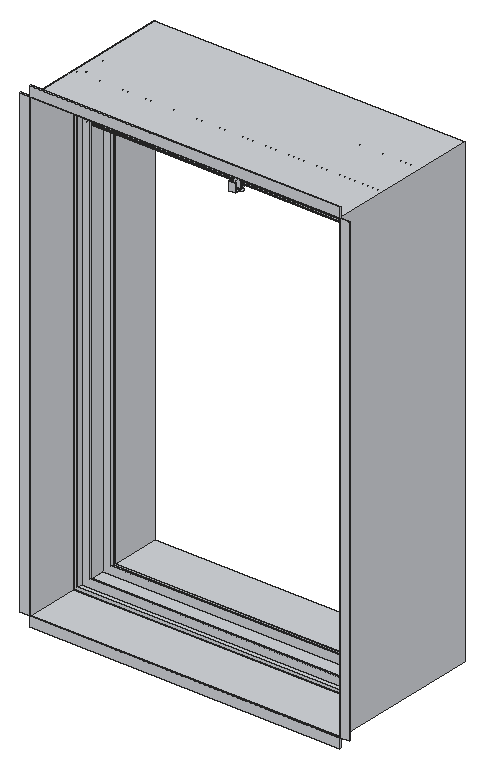
Revit family "FD-AOW", category Mechanical Equipment, Revit 2015
Parameters
  URL = "http://unitedenertech.com/catalog/pdf/A-24%20%20FD-AOW.pdf"
  Type Comments = "Max Size is (42\"w x 48\"h)"
  Model = "FD-AOW"
  Manufacturer = "United Enertech Corporation"
  Keynote = "Vertical Mount Shown, Horizontal Mounts have springs shown on the FDD-AOW Model."
  Exact Width = 2' - 0"
  Exact Height = 3' - 0"
  Description = "Curtain Fire Damper for use in Static Systems"
  Depth = 1' - 0"
  Damper Frame Width [instance] = Exact Width - 0' 0 9/128"  # 1' - 11 119/128"
  Damper Frame Height [instance] = Exact Height - 0' 0 9/128"  # 2' - 11 119/128"
Reference planes (in)
  plane 1 "Center (Front/Back)": y = 0
  plane 2: z = 0
  plane 3 "Center (Left/Right)": x = 0
  plane 4: x = -12
  plane 5: x = 12
  plane 6: y = -6
  plane 7: y = 6
  plane 8: z = 36
  plane 9: x = -11.96484
  plane 10: x = 11.96484
  plane 11: z = 0.0359
  plane 12: z = 35.96559
  plane 13: x = -12.75
  plane 14: x = 12.75
  plane 15: z = -0.75
  plane 16: z = 36.75
  plane 17: y = -5.9641
  plane 18: z = 0.2859
  plane 19: z = 35.71559
  plane 20: x = 11.71484
  plane 21: x = -11.71484
  plane 22: y = -1.84375
  plane 23: y = -1.80785
  plane 24: y = 1.84375
  plane 25: y = 1.80785
Forms (in)
  Extrusion 1, solid
    sketch origin (0, 0, 0) x (1, 0, 0) y (0, 0, 1)
      loop
        line (-12, 36) -> (-12, 0) -> (12, 0) -> (12, 36) -> (-12, 36)
      loop
        line (-11.96484, 35.96559) -> (-11.96484, 0.0359) -> (11.96484, 0.0359) -> (11.96484, 35.96559) -> (-11.96484, 35.96559)
    from -6 to 6
  Extrusion 2, solid
    sketch origin (0, 0, 0) x (1, 0, 0) y (0, 0, 1)
      loop
        line (-12.75, 36) -> (-12.75, 0) -> (-12, 0) -> (-12, 36) -> (-12.75, 36)
    from 5.9641 to 6
  Extrusion 3, solid
    sketch origin (0, 0, 0) x (-1, 0, 0) y (0, 0, -1)
      loop
        line (-12.75, -36) -> (-12, -36) -> (-12, 0) -> (-12.75, 0) -> (-12.75, -36)
    from 5.9641 to 6
  Extrusion 4, solid
    sketch origin (18, 0, 18) x (0, 0, -1) y (1, 0, 0)
      loop
        line (-18.75, -30) -> (-18, -30) -> (-18, -6) -> (-18.75, -6) -> (-18.75, -30)
    from 5.9641 to 6
  Extrusion 5, solid
    sketch origin (-18, 0, 18) x (0, 0, 1) y (-1, 0, 0)
      loop
        line (-18.75, -30) -> (-18, -30) -> (-18, -6) -> (-18.75, -6) -> (-18.75, -30)
    from 5.9641 to 6
  Extrusion 6, solid
    sketch origin (0, 0, 0) x (1, 0, 0) y (0, 0, 1)
      loop
        line (-11.71484, 35.71559) -> (-11.71484, 0.2859) -> (11.71484, 0.2859) -> (11.71484, 35.71559) -> (-11.71484, 35.71559)
      loop
        line (-11.96484, 35.96559) -> (-11.96484, 0.0359) -> (11.96484, 0.0359) -> (11.96484, 35.96559) -> (-11.96484, 35.96559)
    from -1.84375 to -1.80785
  Extrusion 7, solid
    sketch origin (0, 0, 0) x (1, 0, 0) y (0, 0, 1)
      loop
        line (-11.71484, 35.71559) -> (-11.71484, 0.2859) -> (11.71484, 0.2859) -> (11.71484, 35.71559) -> (-11.71484, 35.71559)
      loop
        line (-11.96484, 35.96559) -> (-11.96484, 0.0359) -> (11.96484, 0.0359) -> (11.96484, 35.96559) -> (-11.96484, 35.96559)
    from 1.80785 to 1.84375
Dimensions and locks (in)
  equal spacing: plane 4, plane 3 "Center (Left/Right)", plane 5
  "Exact Width": plane 4 to plane 5
  equal spacing: plane 7, plane 1 "Center (Front/Back)", plane 6
  "Depth": plane 7 to plane 6
  "Damper Frame Width": plane 9 to plane 10
  equal spacing: plane 9, plane 3 "Center (Left/Right)", plane 10
  "Exact Height": plane 8 to level
  locked: plane 11 to level at 0.0359
  "Damper Frame Height": plane 12 to plane 11
  locked: plane 13 to plane 4 at 0.75
  locked: plane 14 to plane 5 at 0.75
  locked: level to plane 15 at 0.75
  locked: plane 16 to plane 8 at 0.75
  locked: plane 17 to plane 6 at 0.0359
  locked: plane 18 to plane 11 at 0.25
  locked: plane 12 to plane 19 at 0.25
  locked: plane 20 to plane 10 at 0.25
  locked: plane 21 to plane 9 at 0.25
  aligned and locked: level to plane 2
  aligned and locked: level to Extrusion 1 sketch curve
  aligned and locked: Extrusion 1 sketch curve to plane 4
  aligned and locked: Extrusion 1 sketch curve to plane 5
  aligned and locked: Extrusion 1 sketch curve to plane 8
  aligned and locked: Extrusion 1 sketch curve to plane 12
  aligned and locked: plane 10 to Extrusion 1 sketch curve
  aligned and locked: plane 11 to Extrusion 1 sketch curve
  aligned and locked: plane 9 to Extrusion 1 sketch curve
  aligned and locked: plane 7 to Extrusion 1
  aligned and locked: Extrusion 1 to plane 6
  aligned and locked: Extrusion 2 sketch curve to plane 13
  aligned and locked: level to Extrusion 2 sketch curve
  aligned and locked: plane 4 to Extrusion 2 sketch curve
  aligned and locked: Extrusion 2 sketch curve to plane 8
  aligned and locked: plane 17 to Extrusion 2
  aligned and locked: plane 17 to Extrusion 4
  aligned and locked: plane 17 to Extrusion 5
  aligned and locked: plane 17 to Extrusion 3
  aligned and locked: Extrusion 3 to plane 6
  aligned and locked: Extrusion 4 to plane 6
  aligned and locked: Extrusion 5 to plane 6
  aligned and locked: Extrusion 2 to plane 6
  aligned and locked: plane 3 "Center (Left/Right)" to nested 1
  aligned and locked: plane 11 to Extrusion 6 sketch curve
  aligned and locked: plane 9 to Extrusion 6 sketch curve
  aligned and locked: plane 10 to Extrusion 6 sketch curve
  aligned and locked: Extrusion 6 sketch curve to plane 12
  aligned and locked: Extrusion 6 sketch curve to plane 19
  aligned and locked: plane 18 to Extrusion 6 sketch curve
  aligned and locked: plane 20 to Extrusion 6 sketch curve
  aligned and locked: plane 21 to Extrusion 6 sketch curve
  aligned and locked: Extrusion 6 to plane 24
  aligned and locked: Extrusion 6 to plane 25
  aligned and locked: Extrusion 7 to plane 23
  aligned and locked: Extrusion 7 to plane 22
Automatic sketch dimensions
  Extrusion 3 sketch curve to level = 0' - 0"
  Extrusion 3 sketch curve to plane 14 = 0' - 0"
  Extrusion 3 sketch curve to plane 5 = 0' - 0"
  Extrusion 3 sketch curve to plane 8 = 0' - 0"
  Extrusion 4 sketch curve to plane 5 = 0' - 0"
  Extrusion 4 sketch curve to plane 16 = 0' - 0"
  Extrusion 4 sketch curve to plane 8 = 0' - 0"
  plane 4 to Extrusion 4 sketch curve = 0' - 0"
  plane 4 to Extrusion 5 sketch curve = 0' - 0"
  Extrusion 5 sketch curve to plane 15 = 0' - 0"
  Extrusion 5 sketch curve to level = 0' - 0"
  Extrusion 5 sketch curve to plane 5 = 0' - 0"
  Extrusion 7 sketch curve to plane 9 = 0' - 0"
  Extrusion 7 sketch curve to plane 18 = 0' - 0"
  Extrusion 7 sketch curve to plane 21 = 0' - 0"
  Extrusion 7 sketch curve to plane 19 = 0' - 0"
  plane 20 to Extrusion 7 sketch curve = 0' - 0"
  plane 10 to Extrusion 7 sketch curve = 0' - 0"
  Extrusion 7 sketch curve to plane 11 = 0' - 0"
  Extrusion 7 sketch curve to plane 12 = 0' - 0"
Nested families (in)
  nested 1: "FD-ALB" at (0, 0, 0), type "FD-ALB"
    with EFL Height 0' - 4 19/64", Blade Width 1' - 11 103/128", Blade Pair Number 9, Exact Width 1' - 11 119/128", Damper Height 2' - 11 119/128"
Definition of nested family "FD-ALB"
  Parameters (values of type "FD-ALB")
    URL = "http://unitedenertech.com/catalog/pdf/A-7%20%20FD-ALB.pdf"
    Type Comments = "Max. Sizes are (1-1/2 Hour Vertical 120\"w x 120\"h) (1-1/2 Hour Horizontal 120\"w x 40\"h or 96\"w x 48\"h) (3 Hour Vertical or Horizontal 80\"w x 40\"h)"
    Model = "FD-ALB"
    Manufacturer = "United Enertech Corporation"
    Keynote = "Vertical Model Shown, Horizontal Models have Springs as shown on Model FDD-ALB."
    Exact Width = 2' - 0"
    EFL Height [instance] = Blade Pair Number * 0' 0 13/32" + 0' 0 41/64"  # 0' - 4 19/64"
    Description = "Curtain Fire Damper for use in Static Systems"
    Damper Height = 3' - 0"
    Depth = 0' - 3 11/16"
    Blade Width [instance] = Exact Width - 0' 0 1/8"  # 1' - 11 7/8"
    Blade Pair Number [instance] = (Damper Height - 0' 0 9/128") / 0' 3 7/8"  # 9
  Reference planes (in)
    plane 1 "Center (Front/Back)": y = 0
    plane 2: z = 0
    plane 3 "Center (Left/Right)": x = 0
    plane 4: x = -12
    plane 5: x = 12
    plane 6: y = -1.84375
    plane 7: y = 1.84375
    plane 8: z = 36
    plane 9: x = -11.9641
    plane 10: x = 11.9641
    plane 11: z = 0.0359
    plane 12: z = 35.9641
    plane 13: y = 1.09375
    plane 14: y = -1.09375
    plane 15: y = -0.96875
    plane 16: y = 0.96875
    plane 17: z = 0.6609
    plane 18: x = -11.3391
    plane 19: x = 11.3391
    plane 20: z = 35.3391
    plane 21: x = -0.25
    plane 22: x = 0.25
    plane 23: z = 31.66723
    plane 24: z = 31.70313
  Forms (in)
    Extrusion 1, solid
      sketch origin (0, 0, 0) x (1, 0, 0) y (0, 0, 1)
        loop
          line (-11.9641, 35.9641) -> (-11.9641, 0.0359) -> (11.9641, 0.0359) -> (11.9641, 35.9641) -> (-11.9641, 35.9641)
        loop
          line (-12, 36) -> (-12, 0) -> (12, 0) -> (12, 36) -> (-12, 36)
      from -1.84375 to 1.84375
    Extrusion 2, solid
      sketch origin (0, 0, 0) x (1, 0, 0) y (0, 0, 1)
        loop
          line (-11.3391, 35.3391) -> (-11.3391, 0.6609) -> (11.3391, 0.6609) -> (11.3391, 35.3391) -> (-11.3391, 35.3391)
        loop
          line (-11.9641, 35.9641) -> (-11.9641, 0.0359) -> (11.9641, 0.0359) -> (11.9641, 35.9641) -> (-11.9641, 35.9641)
      from 0.96875 to 1.09375
    Extrusion 3, solid
      sketch origin (0, 0, 0) x (1, 0, 0) y (0, 0, 1)
        loop
          line (-11.3391, 35.3391) -> (-11.3391, 0.6609) -> (11.3391, 0.6609) -> (11.3391, 35.3391) -> (-11.3391, 35.3391)
        loop
          line (-11.9641, 35.9641) -> (-11.9641, 0.0359) -> (11.9641, 0.0359) -> (11.9641, 35.9641) -> (-11.9641, 35.9641)
      from -1.09375 to -0.96875
    Extrusion 4, solid
      sketch origin (0, 0, 0) x (0, 1, 0) y (0, 0, 1)
        loop
          line (0.96875, 35.9641) -> (0.93285, 35.9641) -> (0.93285, 31.66723) -> (1.43285, 31.66723) -> (1.43285, 32.33598) -> (1.39695, 32.33598) -> (1.39695, 31.70313) -> (0.96875, 31.70313) -> (0.96875, 35.9641)
      from -0.25 to 0.25
    Extrusion 5, solid
      sketch origin (0, 0, 0) x (0, -1, 0) y (0, 0, -1)
        loop
          line (0.96875, -35.9641) -> (0.96875, -31.70313) -> (1.39695, -31.70313) -> (1.39695, -32.33598) -> (1.43285, -32.33598) -> (1.43285, -31.66723) -> (0.93285, -31.66723) -> (0.93285, -35.9641) -> (0.96875, -35.9641)
      from -0.25 to 0.25
  Dimensions and locks (in)
    equal spacing: plane 4, plane 3 "Center (Left/Right)", plane 5
    "Exact Width": plane 4 to plane 5
    equal spacing: plane 7, plane 1 "Center (Front/Back)", plane 6
    "Depth": plane 7 to plane 6
    "Damper Height": plane 8 to level
    locked: plane 9 to plane 4 at 0.0359
    locked: plane 5 to plane 10 at 0.0359
    locked: plane 8 to plane 12 at 0.0359
    locked: plane 11 to level at 0.0359
    locked: plane 13 to plane 14 at 2.1875
    locked: plane 15 to plane 14 at 0.125
    locked: plane 13 to plane 16 at 0.125
    locked: plane 18 to plane 9 at 0.625
    locked: plane 10 to plane 19 at 0.625
    locked: plane 17 to plane 11 at 0.625
    locked: plane 12 to plane 20 at 0.625
    equal spacing: group 1, group 2, group 3, group 4, group 5, group 6, group 7, group 8, group 9  (x2)
    equal spacing: group 9, group 8, group 7, group 6, group 5, group 4, group 3, group 2, group 1
    locked: nested 1 to nested 2 at 0.40625
    "EFL Height": plane 12 to plane 23
    locked: plane 24 to plane 23 at 0.0359
    aligned and locked: level to plane 2
    aligned and locked: level to Extrusion 1 sketch curve
    aligned and locked: Extrusion 1 sketch curve to plane 4
    aligned and locked: Extrusion 1 sketch curve to plane 5
    aligned and locked: Extrusion 1 sketch curve to plane 8
    aligned and locked: Extrusion 1 sketch curve to plane 12
    aligned and locked: Extrusion 1 sketch curve to plane 10
    aligned and locked: plane 11 to Extrusion 1 sketch curve
    aligned and locked: plane 9 to Extrusion 1 sketch curve
    aligned and locked: plane 7 to Extrusion 1
    aligned and locked: Extrusion 1 to plane 6
    aligned and locked: plane 11 to Extrusion 2 sketch curve
    aligned and locked: plane 9 to Extrusion 2 sketch curve
    aligned and locked: Extrusion 2 sketch curve to plane 10
    aligned and locked: Extrusion 2 sketch curve to plane 12
    aligned and locked: Extrusion 2 sketch curve to plane 20
    aligned and locked: Extrusion 2 sketch curve to plane 19
    aligned and locked: plane 17 to Extrusion 2 sketch curve
    aligned and locked: Extrusion 2 sketch curve to plane 18
    aligned and locked: plane 13 to Extrusion 3
    aligned and locked: Extrusion 3 to plane 16
    aligned and locked: plane 15 to Extrusion 2
    aligned and locked: Extrusion 2 to plane 14
    aligned and locked: plane 3 "Center (Left/Right)" to nested 1
    aligned and locked: plane 12 to nested 1
    aligned and locked: plane 21 to Extrusion 5
    aligned and locked: plane 21 to Extrusion 4
    aligned and locked: plane 22 to Extrusion 5
    aligned and locked: plane 22 to Extrusion 4
    aligned and locked: Extrusion 5 sketch curve to plane 23
    aligned and locked: plane 23 to Extrusion 4 sketch curve
    aligned and locked: plane 24 to Extrusion 4 sketch curve
    aligned and locked: Extrusion 5 sketch curve to plane 24
    aligned and locked: nested 4 to plane 24
  Automatic sketch dimensions
    Extrusion 3 sketch curve to plane 9 = 0' - 0"
    Extrusion 3 sketch curve to plane 17 = 0' - 0"
    plane 18 to Extrusion 3 sketch curve = 0' - 0"
    Extrusion 3 sketch curve to plane 19 = 0' - 0"
    plane 10 to Extrusion 3 sketch curve = 0' - 0"
    Extrusion 3 sketch curve to plane 11 = 0' - 0"
    Extrusion 3 sketch curve to plane 20 = 0' - 0"
    Extrusion 3 sketch curve to plane 12 = 0' - 0"
    Extrusion 4 sketch curve to plane 12 = 0' - 0"
    Extrusion 4 sketch curve to plane 16 = 0' - 0"
    Extrusion 4 sketch curve to plane 16 = 0' - 0.0359"
    plane 13 to Extrusion 4 sketch curve = 0' - 0.3032"
    Extrusion 4 sketch curve to Extrusion 4 sketch curve = 0' - 0.0359"
    plane 24 to Extrusion 4 sketch curve = 0' - 0.63285"
    Extrusion 5 sketch curve to plane 12 = 0' - 0"
    Extrusion 5 sketch curve to plane 15 = 0' - 0"
    Extrusion 5 sketch curve to plane 15 = 0' - 0.0359"
    plane 14 to Extrusion 5 sketch curve = 0' - 0.3032"
    Extrusion 5 sketch curve to Extrusion 5 sketch curve = 0' - 0.0359"
    Extrusion 5 sketch curve to plane 24 = 0' - 0.63285"
  Nested families (in)
    nested 1: "FD-SALB BLADESEDITED" at (0, 1.17008, 35.12138), type "FD-SALB BLADESEDITED"
    nested 2: "FD-SALB BLADESEDITED" at (0, 1.17008, 34.71513), type "FD-SALB BLADESEDITED"
    nested 3: "FD-SALB BLADESEDITED" at (0, 1.17008, 34.30888), type "FD-SALB BLADESEDITED"
    nested 4: "EFL" at (4.62017, 3.54736, 31.70313), type "EFL"
    nested 5: "FD-SALB BLADESEDITED" at (0, 1.17008, 33.90263), type "FD-SALB BLADESEDITED"
    nested 6: "FD-SALB BLADESEDITED" at (0, 1.17008, 33.49638), type "FD-SALB BLADESEDITED"
    nested 7: "FD-SALB BLADESEDITED" at (0, 1.17008, 33.09013), type "FD-SALB BLADESEDITED"
    nested 8: "FD-SALB BLADESEDITED" at (0, 1.17008, 32.68388), type "FD-SALB BLADESEDITED"
    nested 9: "FD-SALB BLADESEDITED" at (0, 1.17008, 32.27763), type "FD-SALB BLADESEDITED"
    nested 10: "FD-SALB BLADESEDITED" at (0, 1.17008, 31.87138), type "FD-SALB BLADESEDITED"
  Definition of nested family "FD-SALB BLADESEDITED"
    Parameters (values of type "FD-SALB BLADESEDITED")
      Blade Width = 1' - 11 7/8"
    Reference planes (in)
      plane 1 "Center (Front/Back)": y = 0
      plane 2: z = 0
      plane 3 "Center (Left/Right)": x = 0
      plane 4: x = -11.9375
      plane 5: x = 11.9375
    Forms (in)
      Extrusion 1, solid
        sketch origin (0, 0, 0) x (0, 1, 0) y (0, 0, 1)
          loop
            line (-0.31672, 0.53073) -> (-0.3446, 0.62657)
            arc (-0.3446, 0.62657) -> (-0.33726, 0.6415) -> (-0.32269, 0.63348) r 0.0115
            line (-0.32269, 0.63348) -> (-0.30545, 0.53536)
            arc (-0.30545, 0.53536) -> (-0.31611, 0.49773) -> (-0.35217, 0.48264) r 0.045
            line (-0.35217, 0.48264) -> (-0.39872, 0.48554)
            arc (-0.39872, 0.48554) -> (-0.42675, 0.49692) -> (-0.44125, 0.52348) r 0.045
            line (-0.44125, 0.52348) -> (-0.47071, 0.66865)
            arc (-0.47071, 0.66865) -> (-0.48965, 0.70349) -> (-0.5262, 0.7189) r 0.06
            line (-0.5262, 0.7189) -> (-1.55698, 0.78305) -> (-1.76244, 0.79584)
            arc (-1.76244, 0.79584) -> (-1.79846, 0.78683) -> (-1.82228, 0.75836) r 0.06
            line (-1.82228, 0.75836) -> (-1.88016, 0.61423)
            arc (-1.88016, 0.61423) -> (-1.90974, 0.57877) -> (-1.95445, 0.56733) r 0.075
            arc (-1.95445, 0.56733) -> (-2.03902, 0.60869) -> (-2.06957, 0.69773) r 0.123
            line (-2.06957, 0.69773) -> (-2.06418, 0.78456)
            arc (-2.06418, 0.78456) -> (-2.05371, 0.80551) -> (-2.03138, 0.81256) r 0.03
            line (-2.03138, 0.81256) -> (-1.90763, 0.80489) -> (-1.90763, 0.8362) -> (-2.01284, 0.84272) -> (-2.04641, 0.84272)
            arc (-2.04641, 0.84272) -> (-2.08042, 0.82292) -> (-2.09536, 0.7865) r 0.06125
            line (-2.09536, 0.7865) -> (-2.10077, 0.69966)
            arc (-2.10077, 0.69966) -> (-2.06244, 0.58801) -> (-1.95639, 0.53614) r 0.15425
            arc (-1.95639, 0.53614) -> (-1.89306, 0.55235) -> (-1.8512, 0.60257) r 0.10625
            line (-1.8512, 0.60257) -> (-1.7933, 0.74674)
            arc (-1.7933, 0.74674) -> (-1.78183, 0.76038) -> (-1.76452, 0.76466) r 0.02875
            line (-1.76452, 0.76466) -> (-1.55892, 0.75186) -> (-0.52813, 0.68773)
            arc (-0.52813, 0.68773) -> (-0.51045, 0.68016) -> (-0.50148, 0.66314) r 0.02875
            line (-0.50148, 0.66314) -> (-0.47199, 0.51784)
            arc (-0.47199, 0.51784) -> (-0.4474, 0.47346) -> (-0.4004, 0.45434) r 0.07625
            line (-0.4004, 0.45434) -> (-0.35398, 0.45144)
            arc (-0.35398, 0.45144) -> (-0.29278, 0.47694) -> (-0.27468, 0.54073) r 0.07625
            line (-0.27468, 0.54073) -> (-0.29191, 0.63889)
            arc (-0.29191, 0.63889) -> (-0.33988, 0.67434) -> (-0.37768, 0.6282) r 0.04327
            line (-0.37768, 0.6282) -> (-0.34677, 0.52199) -> (-0.31672, 0.53073)
        from -11.9375 to 11.9375
      Extrusion 2, solid
        sketch origin (0, 0, 0) x (0, 1, 0) y (0, 0, 1)
          loop
            arc (-0.31635, 0.67497) -> (-0.29361, 0.66856) -> (-0.28256, 0.64768) r 0.03
            line (-0.28256, 0.64768) -> (-0.2714, 0.56286)
            arc (-0.2714, 0.56286) -> (-0.29582, 0.47194) -> (-0.37737, 0.42491) r 0.123
            arc (-0.37737, 0.42491) -> (-0.42275, 0.43328) -> (-0.45469, 0.46664) r 0.075
            line (-0.45469, 0.46664) -> (-0.52225, 0.60648)
            arc (-0.52225, 0.60648) -> (-0.54755, 0.63305) -> (-0.58358, 0.63992) r 0.06
            line (-0.58358, 0.63992) -> (-0.78858, 0.61304) -> (-1.81262, 0.47877)
            arc (-1.81262, 0.47877) -> (-1.84723, 0.46173) -> (-1.86432, 0.42714) r 0.06
            line (-1.86432, 0.42714) -> (-1.88437, 0.27537)
            arc (-1.88437, 0.27537) -> (-1.89734, 0.2499) -> (-1.92301, 0.23735) r 0.045
            line (-1.92301, 0.23735) -> (-1.96868, 0.2314)
            arc (-1.96868, 0.2314) -> (-2.00696, 0.24361) -> (-2.02023, 0.28153) r 0.045
            line (-2.02023, 0.28153) -> (-2.00995, 0.379)
            arc (-2.00995, 0.379) -> (-1.99657, 0.38882) -> (-1.98728, 0.37505) r 0.0115
            line (-1.98728, 0.37505) -> (-2.00879, 0.27676) -> (-1.97772, 0.26996) -> (-1.95543, 0.37179)
            arc (-1.95543, 0.37179) -> (-1.99381, 0.41919) -> (-2.04121, 0.38081) r 0.04313
            line (-2.04121, 0.38081) -> (-2.05127, 0.28509)
            arc (-2.05127, 0.28509) -> (-2.02877, 0.22122) -> (-1.96431, 0.20045) r 0.07625
            line (-1.96431, 0.20045) -> (-1.91897, 0.20638)
            arc (-1.91897, 0.20638) -> (-1.87533, 0.22771) -> (-1.85342, 0.27106) r 0.07625
            line (-1.85342, 0.27106) -> (-1.83333, 0.42305)
            arc (-1.83333, 0.42305) -> (-1.82514, 0.43962) -> (-1.80853, 0.44779) r 0.02875
            line (-1.80853, 0.44779) -> (-0.78452, 0.58205) -> (-0.57967, 0.60892)
            arc (-0.57967, 0.60892) -> (-0.56246, 0.60559) -> (-0.55039, 0.5929) r 0.02875
            line (-0.55039, 0.5929) -> (-0.48278, 0.45303)
            arc (-0.48278, 0.45303) -> (-0.4376, 0.40578) -> (-0.37331, 0.39393) r 0.10625
            arc (-0.37331, 0.39393) -> (-0.27103, 0.4529) -> (-0.24041, 0.56695) r 0.15425
            line (-0.24041, 0.56695) -> (-0.2515, 0.65113)
            arc (-0.2515, 0.65113) -> (-0.27433, 0.69316) -> (-0.32041, 0.70596) r 0.06125
            line (-0.32041, 0.70596) -> (-0.44437, 0.68971) -> (-0.44031, 0.65872) -> (-0.31635, 0.67497)
        from -11.9375 to 11.9375
    Dimensions and locks (in)
      equal spacing: plane 4, plane 3 "Center (Left/Right)", plane 5
      "Blade Width": plane 4 to plane 5
      aligned and locked: level to plane 2
      aligned and locked: plane 4 to Extrusion 1
      aligned and locked: plane 4 to Extrusion 2
      aligned and locked: plane 5 to Extrusion 1
      aligned and locked: plane 5 to Extrusion 2
    Automatic sketch dimensions
      Extrusion 2 sketch curve to Extrusion 2 sketch curve = 0' - 0"  (x35)
      level to Extrusion 2 sketch curve = 0' - 0.28509"
      plane 1 "Center (Front/Back)" to Extrusion 2 sketch curve = 0' - 2.05127"
      level to Extrusion 2 sketch curve = 0' - 0.38081"
      Extrusion 2 sketch curve to Extrusion 2 sketch curve = 0' - 0.01006"
      level to Extrusion 2 sketch curve = 0' - 0.28153"
      Extrusion 2 sketch curve to Extrusion 2 sketch curve = 0' - 0.03105"
      level to Extrusion 2 sketch curve = 0' - 0.27676"
      Extrusion 2 sketch curve to Extrusion 2 sketch curve = 0' - 0.01143"  (x2)
      Extrusion 2 sketch curve to Extrusion 2 sketch curve = 0' - 0.04266"
      Extrusion 2 sketch curve to Extrusion 2 sketch curve = 0' - 0.00023"
      level to Extrusion 2 sketch curve = 0' - 0.26996"
      Extrusion 2 sketch curve to Extrusion 2 sketch curve = 0' - 0.03107"
      Extrusion 2 sketch curve to Extrusion 2 sketch curve = 0' - 0.00213"
      level to Extrusion 2 sketch curve = 0' - 0.2314"
      Extrusion 2 sketch curve to Extrusion 2 sketch curve = 0' - 0.00904"
      level to Extrusion 2 sketch curve = 0' - 0.20045"
      level to Extrusion 2 sketch curve = 0' - 0.37179"
      Extrusion 2 sketch curve to Extrusion 2 sketch curve = 0' - 0.0467"
      level to Extrusion 2 sketch curve = 0' - 0.27537"
      Extrusion 2 sketch curve to Extrusion 2 sketch curve = 0' - 0.04451"
      level to Extrusion 2 sketch curve = 0' - 0.27106"
      Extrusion 2 sketch curve to Extrusion 2 sketch curve = 0' - 0.03095"
      Extrusion 2 sketch curve to Extrusion 2 sketch curve = 0' - 0.0486"
      plane 1 "Center (Front/Back)" to Extrusion 2 sketch curve = 0' - 0.78452"
      Extrusion 2 sketch curve to Extrusion 2 sketch curve = 0' - 0.20094"
      Extrusion 2 sketch curve to Extrusion 2 sketch curve = 0' - 0 1/256"  (x2)
      Extrusion 2 sketch curve to Extrusion 2 sketch curve = 0' - 0.0034"
      Extrusion 2 sketch curve to Extrusion 2 sketch curve = 0' - 0.13921"
      Extrusion 2 sketch curve to Extrusion 2 sketch curve = 0' - 0.00406"  (x3)
      Extrusion 2 sketch curve to Extrusion 2 sketch curve = 0' - 0.04695"
      Extrusion 2 sketch curve to Extrusion 2 sketch curve = 0' - 0.00624"
      Extrusion 2 sketch curve to Extrusion 2 sketch curve = 0' - 0.0809"
      Extrusion 2 sketch curve to Extrusion 2 sketch curve = 0' - 0.0299"
      Extrusion 2 sketch curve to Extrusion 2 sketch curve = 0' - 0.03106"
      Extrusion 2 sketch curve to Extrusion 2 sketch curve = 0' - 0.00661"
      Extrusion 2 sketch curve to Extrusion 2 sketch curve = 0' - 0.00119"
      Extrusion 2 sketch curve to Extrusion 2 sketch curve = 0' - 0.14822"
      level to Extrusion 2 sketch curve = 0' - 0.49927"
      Extrusion 2 sketch curve to Extrusion 2 sketch curve = 0' - 0.04759"
      Extrusion 2 sketch curve to Extrusion 2 sketch curve = 0' - 0.0335"
      Extrusion 2 sketch curve to Extrusion 2 sketch curve = 0' - 0.00168"
      Extrusion 2 sketch curve to Extrusion 2 sketch curve = 0' - 0.02855"
      Extrusion 2 sketch curve to Extrusion 2 sketch curve = 0' - 0.031"
      Extrusion 2 sketch curve to Extrusion 2 sketch curve = 0' - 0.09835"
      Extrusion 2 sketch curve to Extrusion 2 sketch curve = 0' - 0.00246"
      Extrusion 2 sketch curve to Extrusion 2 sketch curve = 0' - 0.00345"
      Extrusion 2 sketch curve to Extrusion 2 sketch curve = 0' - 0.11186"
      Extrusion 2 sketch curve to Extrusion 2 sketch curve = 0' - 0.03098"  (x3)
      level to Extrusion 2 sketch curve = 0' - 0.37898"
      Extrusion 2 sketch curve to Extrusion 2 sketch curve = 0' - 0.00003"  (x4)
      Extrusion 2 sketch curve to Extrusion 2 sketch curve = 0' - 0.01101"
      level to Extrusion 2 sketch curve = 0' - 0.37505"
      Extrusion 2 sketch curve to Extrusion 2 sketch curve = 0' - 0.00585"
      level to Extrusion 2 sketch curve = 0' - 0.23735"
      Extrusion 2 sketch curve to Extrusion 2 sketch curve = 0' - 0.00404"
      level to Extrusion 2 sketch curve = 0' - 0.20636"
      level to Extrusion 2 sketch curve = 0' - 0.42714"
      Extrusion 2 sketch curve to Extrusion 2 sketch curve = 0' - 0.0595"
      level to Extrusion 2 sketch curve = 0' - 0.42305"
      Extrusion 2 sketch curve to Extrusion 2 sketch curve = 0' - 0.02852"
      Extrusion 2 sketch curve to Extrusion 2 sketch curve = 0' - 0.0207"
      level to Extrusion 2 sketch curve = 0' - 0.47878"
      Extrusion 2 sketch curve to Extrusion 2 sketch curve = 0' - 0.00374"
      level to Extrusion 2 sketch curve = 0' - 0.44779"
      Extrusion 2 sketch curve to Extrusion 2 sketch curve = 0' - 0.02588"
      Extrusion 2 sketch curve to Extrusion 2 sketch curve = 0' - 0.02814"
      Extrusion 2 sketch curve to Extrusion 2 sketch curve = 0' - 0.0957"
      Extrusion 2 sketch curve to Extrusion 2 sketch curve = 0' - 0.00004"  (x2)
      Extrusion 2 sketch curve to Extrusion 2 sketch curve = 0' - 0.02809"
      Extrusion 2 sketch curve to Extrusion 2 sketch curve = 0' - 0.00975"
      Extrusion 2 sketch curve to Extrusion 2 sketch curve = 0' - 0.00796"
      Extrusion 2 sketch curve to Extrusion 2 sketch curve = 0' - 0.01116"
      Extrusion 2 sketch curve to Extrusion 2 sketch curve = 0' - 0.00002"
      Extrusion 1 sketch curve to Extrusion 1 sketch curve = 0' - 0"  (x30)
      level to Extrusion 1 sketch curve = 0' - 0.7827"
      plane 1 "Center (Front/Back)" to Extrusion 1 sketch curve = 0' - 2.03423"
      Extrusion 1 sketch curve to Extrusion 1 sketch curve = 0' - 0.00284"
      Extrusion 1 sketch curve to Extrusion 1 sketch curve = 0' - 0.01854"
      Extrusion 1 sketch curve to Extrusion 1 sketch curve = 0' - 0.08443"
      Extrusion 1 sketch curve to Extrusion 1 sketch curve = 0' - 0.00298"
      Extrusion 1 sketch curve to Extrusion 1 sketch curve = 0' - 0.03918"
      Extrusion 1 sketch curve to Extrusion 1 sketch curve = 0' - 0.14102"
      level to Extrusion 1 sketch curve = 0' - 0.76466"
      Extrusion 1 sketch curve to Extrusion 1 sketch curve = 0' - 0.00209"
      level to Extrusion 1 sketch curve = 0' - 0.79584"
      Extrusion 1 sketch curve to Extrusion 1 sketch curve = 0' - 0.00208"  (x2)
      level to Extrusion 1 sketch curve = 0' - 0.75186"
      Extrusion 1 sketch curve to Extrusion 1 sketch curve = 0' - 0.2056"
      Extrusion 1 sketch curve to Extrusion 1 sketch curve = 0' - 0.00194"  (x2)
      plane 1 "Center (Front/Back)" to Extrusion 1 sketch curve = 0' - 0.52993"
      Extrusion 1 sketch curve to Extrusion 1 sketch curve = 0' - 0.02845"
      Extrusion 1 sketch curve to Extrusion 1 sketch curve = 0' - 0.02949"
      Extrusion 1 sketch curve to Extrusion 1 sketch curve = 0' - 0.03077"  (x2)
      Extrusion 1 sketch curve to Extrusion 1 sketch curve = 0' - 0.03074"
      Extrusion 1 sketch curve to Extrusion 1 sketch curve = 0' - 0.04085"
      Extrusion 1 sketch curve to Extrusion 1 sketch curve = 0' - 0.00168"
      Extrusion 1 sketch curve to Extrusion 1 sketch curve = 0' - 0.04445"
      Extrusion 1 sketch curve to Extrusion 1 sketch curve = 0' - 0.01912"
      Extrusion 1 sketch curve to Extrusion 1 sketch curve = 0' - 0.04641"
      Extrusion 1 sketch curve to Extrusion 1 sketch curve = 0' - 0.00182"
      Extrusion 1 sketch curve to Extrusion 1 sketch curve = 0' - 0.00238"
      Extrusion 1 sketch curve to Extrusion 1 sketch curve = 0' - 0.00302"
      Extrusion 1 sketch curve to Extrusion 1 sketch curve = 0' - 0.03307"
      Extrusion 1 sketch curve to Extrusion 1 sketch curve = 0' - 0.01008"
      Extrusion 1 sketch curve to Extrusion 1 sketch curve = 0' - 0.00072"
      Extrusion 1 sketch curve to Extrusion 1 sketch curve = 0' - 0.01112"
      Extrusion 1 sketch curve to Extrusion 1 sketch curve = 0' - 0.03006"
      Extrusion 1 sketch curve to Extrusion 1 sketch curve = 0' - 0.03078"
      Extrusion 1 sketch curve to Extrusion 1 sketch curve = 0' - 0.02867"
      Extrusion 1 sketch curve to Extrusion 1 sketch curve = 0' - 0.09261"
      level to Extrusion 1 sketch curve = 0' - 0.66865"
      Extrusion 1 sketch curve to Extrusion 1 sketch curve = 0' - 0.00551"
      Extrusion 1 sketch curve to Extrusion 1 sketch curve = 0' - 0.00412"
      Extrusion 1 sketch curve to Extrusion 1 sketch curve = 0' - 0.04791"
      Extrusion 1 sketch curve to Extrusion 1 sketch curve = 0' - 0.02976"
      Extrusion 1 sketch curve to Extrusion 1 sketch curve = 0' - 0.00541"
      Extrusion 1 sketch curve to Extrusion 1 sketch curve = 0' - 0.00087"
      Extrusion 1 sketch curve to Extrusion 1 sketch curve = 0' - 0.00852"
      Extrusion 1 sketch curve to Extrusion 1 sketch curve = 0' - 0.00559"
      Extrusion 1 sketch curve to Extrusion 1 sketch curve = 0' - 0.00702"
      Extrusion 1 sketch curve to Extrusion 1 sketch curve = 0' - 0.00564"
      Extrusion 1 sketch curve to Extrusion 1 sketch curve = 0' - 0.03935"
      Extrusion 1 sketch curve to Extrusion 1 sketch curve = 0' - 0.0312"
      Extrusion 1 sketch curve to Extrusion 1 sketch curve = 0' - 0.03119"
      Extrusion 1 sketch curve to Extrusion 1 sketch curve = 0' - 0.1148"
      Extrusion 1 sketch curve to Extrusion 1 sketch curve = 0' - 0.03131"
      Extrusion 1 sketch curve to Extrusion 1 sketch curve = 0' - 0.02994"
      level to Extrusion 1 sketch curve = 0' - 0.78456"
      Extrusion 1 sketch curve to Extrusion 1 sketch curve = 0' - 0.00539"
      level to Extrusion 1 sketch curve = 0' - 0.69772"
      Extrusion 1 sketch curve to Extrusion 1 sketch curve = 0' - 0.03117"
      Extrusion 1 sketch curve to Extrusion 1 sketch curve = 0' - 0.03118"
      level to Extrusion 1 sketch curve = 0' - 0.69966"
      Extrusion 1 sketch curve to Extrusion 1 sketch curve = 0' - 0.03357"
      Extrusion 1 sketch curve to Extrusion 1 sketch curve = 0' - 0.0066"
      Extrusion 1 sketch curve to Extrusion 1 sketch curve = 0' - 0.06959"
      level to Extrusion 1 sketch curve = 0' - 0.61423"
      Extrusion 1 sketch curve to Extrusion 1 sketch curve = 0' - 0.00004"  (x2)
      Extrusion 1 sketch curve to Extrusion 1 sketch curve = 0' - 0.02896"
      level to Extrusion 1 sketch curve = 0' - 0.60259"
      level to Extrusion 1 sketch curve = 0' - 0.75838"
      Extrusion 1 sketch curve to Extrusion 1 sketch curve = 0' - 0.05778"
      level to Extrusion 1 sketch curve = 0' - 0.74674"
      Extrusion 1 sketch curve to Extrusion 1 sketch curve = 0' - 0.02669"
      Extrusion 1 sketch curve to Extrusion 1 sketch curve = 0' - 0.00179"
      Extrusion 1 sketch curve to Extrusion 1 sketch curve = 0' - 0.00193"
      Extrusion 1 sketch curve to Extrusion 1 sketch curve = 0' - 0.01125"
      Extrusion 1 sketch curve to Extrusion 1 sketch curve = 0' - 0.00003"
      Extrusion 1 sketch curve to Extrusion 1 sketch curve = 0' - 0.05622"
      Extrusion 1 sketch curve to Extrusion 1 sketch curve = 0' - 0.03016"
  Definition of nested family "EFL"
    Reference planes (in)
      plane 1 "Center (Front/Back)": y = 0
      plane 2: z = 0
      plane 3 "Center (Left/Right)": x = 0
    Forms (in)
      Extrusion 1, solid
        sketch origin (0, 0, 0) x (1, 0, 0) y (0, 1, 0)
          loop
            arc (-4.87017, -4.05324) -> (-4.81525, -4.18582) -> (-4.68267, -4.24074) r 0.1875
            line (-4.68267, -4.24074) -> (-4.55767, -4.24074)
            arc (-4.55767, -4.24074) -> (-4.42508, -4.18582) -> (-4.37017, -4.05324) r 0.1875
            line (-4.37017, -4.05324) -> (-4.37017, -3.41574) -> (-4.87017, -3.41574) -> (-4.87017, -4.05324)
          loop
            circle (-4.62017, -4.05324) r 0.0625
        from 0.1 to 0.05
      Extrusion 2, solid
        sketch origin (-9.24033, -7.08147, 0) x (-1, 0, 0) y (0, -1, 0)
          loop
            arc (-4.87017, -4.05324) -> (-4.81525, -4.18582) -> (-4.68267, -4.24074) r 0.1875
            line (-4.68267, -4.24074) -> (-4.55767, -4.24074)
            arc (-4.55767, -4.24074) -> (-4.42508, -4.18582) -> (-4.37017, -4.05324) r 0.1875
            line (-4.37017, -4.05324) -> (-4.37017, -3.41574) -> (-4.87017, -3.41574) -> (-4.87017, -4.05324)
          loop
            circle (-4.62017, -4.05324) r 0.0625
        from 0 to 0.05
      Sweep 3, solid
        path in 3D
          loop
            line (-4.62017, -4.16421, 0) -> (-4.62017, -4.22608, 0)
            arc (-4.62017, -4.22608, 0) -> (-4.65678, -4.31447, 0) -> (-4.74517, -4.35108, 0) r 0.125
            line (-4.74517, -4.35108, 0) -> (-4.92568, -4.35108, 0)
            arc (-4.92568, -4.35108, 0) -> (-5.02859, -4.454, 0) -> (-4.92568, -4.55691, 0) r 0.10291
            line (-4.92568, -4.55691, 0) -> (-4.62017, -4.55691, 0) -> (-4.31465, -4.55691, 0)
            arc (-4.31465, -4.55691, 0) -> (-4.21174, -4.454, 0) -> (-4.31465, -4.35108, 0) r 0.10291
            line (-4.31465, -4.35108, 0) -> (-4.58427, -4.35108, 0)
        profile origin (-4.62017, -4.19515, 0) x (1, 0, 0) y (0, 0, 1)
          loop
            circle (0, 0) r 0.03202
      Sweep 4, solid
        path in 3D
          loop
            line (-4.62017, -4.283, 0.1526) -> (-4.62017, -4.12297, 0.1526)
            arc (-4.62017, -4.12297, 0.1526) -> (-4.62017, -4.04635, 0.07598) -> (-4.62017, -4.12297, -0.00063) r 0.07662
            line (-4.62017, -4.12297, -0.00063) -> (-4.62017, -4.16421, -0.00063)
        profile origin (-4.62017, -4.14359, -0.00063) x (0, 0, -1) y (1, 0, 0)
          loop
            circle (0, 0) r 0.03138
      Sweep 5, solid
        path in 3D
          loop
            line (-4.62017, -2.91726, 0) -> (-4.62017, -2.85539, 0)
            arc (-4.62017, -2.85539, 0) -> (-4.65678, -2.767, 0) -> (-4.74517, -2.73039, 0) r 0.125
            line (-4.74517, -2.73039, 0) -> (-4.92568, -2.73039, 0)
            arc (-4.92568, -2.73039, 0) -> (-5.02859, -2.62747, 0) -> (-4.92568, -2.52456, 0) r 0.10291
            line (-4.92568, -2.52456, 0) -> (-4.62017, -2.52456, 0) -> (-4.31465, -2.52456, 0)
            arc (-4.31465, -2.52456, 0) -> (-4.21174, -2.62747, 0) -> (-4.31465, -2.73039, 0) r 0.10291
            line (-4.31465, -2.73039, 0) -> (-4.58427, -2.73039, 0)
        profile origin (-4.62017, -2.88633, 0) x (-1, 0, 0) y (0, 0, 1)
          loop
            circle (0, 0) r 0.03202
      Sweep 6, solid
        path in 3D
          loop
            line (-4.62017, -2.79848, 0.1526) -> (-4.62017, -2.95851, 0.1526)
            arc (-4.62017, -2.95851, 0.1526) -> (-4.62017, -3.03512, 0.07598) -> (-4.62017, -2.95851, -0.00063) r 0.07662
            line (-4.62017, -2.95851, -0.00063) -> (-4.62017, -2.91726, -0.00063)
        profile origin (-4.62017, -2.93788, -0.00063) x (0, 0, 1) y (1, 0, 0)
          loop
            circle (0, 0) r 0.03138
    Lines and regions (in)
      sketch lines
        curve 1: line (-4.62017, -4.16421, 0) -> (-4.62017, -4.22608, 0)
        curve 2: arc (-4.74517, -4.35108, 0) -> (-4.65678, -4.31447, 0) -> (-4.62017, -4.22608, 0) r 0.125
        curve 3: line (-4.74517, -4.35108, 0) -> (-4.92568, -4.35108, 0)
        curve 4: arc (-4.92568, -4.35108, 0) -> (-5.02859, -4.454, 0) -> (-4.92568, -4.55691, 0) r 0.10291
        curve 5: line (-4.62017, -4.55691, 0) -> (-4.92568, -4.55691, 0)
        curve 6: line (-4.62017, -4.55691, 0) -> (-4.31465, -4.55691, 0)
        curve 7: arc (-4.31465, -4.55691, 0) -> (-4.21174, -4.454, 0) -> (-4.31465, -4.35108, 0) r 0.10291
        curve 8: line (-4.58427, -4.35108, 0) -> (-4.31465, -4.35108, 0)
        curve 9: line (-4.62017, -4.12297, -0.00063) -> (-4.62017, -4.16421, -0.00063)
        curve 10: arc (-4.62017, -4.12297, -0.00063) -> (-4.62017, -4.04635, 0.07598) -> (-4.62017, -4.12297, 0.1526) r 0.07662
        curve 11: line (-4.62017, -4.12297, 0.1526) -> (-4.62017, -4.283, 0.1526)
        curve 12: line (-4.62017, -2.91726, 0) -> (-4.62017, -2.85539, 0)
        curve 13: arc (-4.74517, -2.73039, 0) -> (-4.65678, -2.767, 0) -> (-4.62017, -2.85539, 0) r 0.125
        curve 14: line (-4.74517, -2.73039, 0) -> (-4.92568, -2.73039, 0)
        curve 15: arc (-4.92568, -2.73039, 0) -> (-5.02859, -2.62747, 0) -> (-4.92568, -2.52456, 0) r 0.10291
        curve 16: line (-4.62017, -2.52456, 0) -> (-4.92568, -2.52456, 0)
        curve 17: line (-4.62017, -2.52456, 0) -> (-4.31465, -2.52456, 0)
        curve 18: arc (-4.31465, -2.52456, 0) -> (-4.21174, -2.62747, 0) -> (-4.31465, -2.73039, 0) r 0.10291
        curve 19: line (-4.58427, -2.73039, 0) -> (-4.31465, -2.73039, 0)
        curve 20: line (-4.62017, -2.95851, -0.00063) -> (-4.62017, -2.91726, -0.00063)
        curve 21: arc (-4.62017, -2.95851, -0.00063) -> (-4.62017, -3.03512, 0.07598) -> (-4.62017, -2.95851, 0.1526) r 0.07662
        curve 22: line (-4.62017, -2.95851, 0.1526) -> (-4.62017, -2.79848, 0.1526)
    Dimensions and locks (in)
      aligned and locked: level to plane 2
